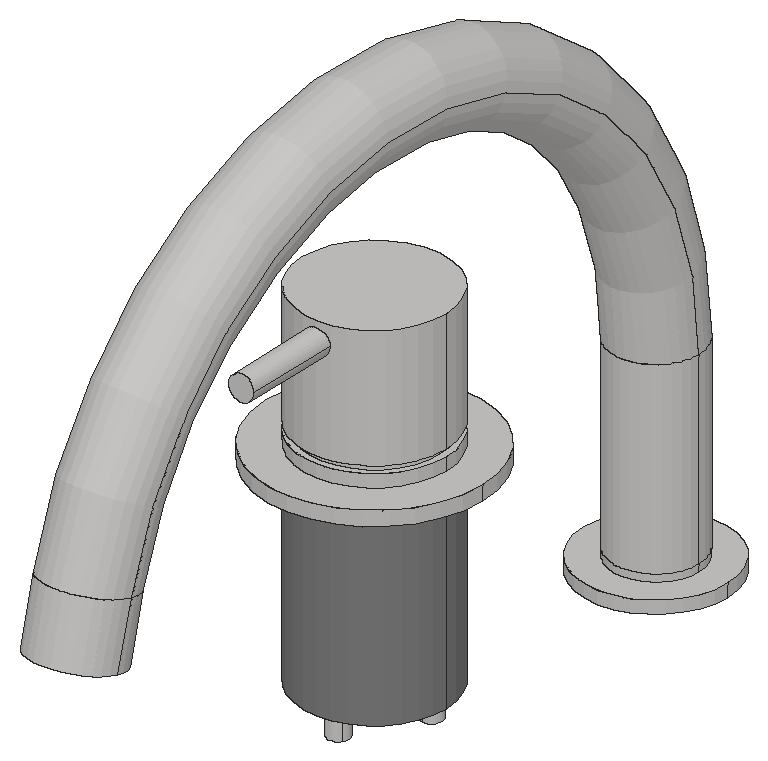
Revit family "SC7", category Plumbing Fixtures, Revit 2021
Family settings
  Round Connector Dimension = Use Diameter
  Part Type = Normal
  Work Plane-Based = No
  Always vertical = Yes
  Cut with Voids When Loaded = No
  Shared = No
  Room Calculation Point = No
Parameters
  e-mail = "info@vola.com"
  URL = "http://vola.com"
  Telephone = "+45 7023 5500"
  Quality management standard = "ISO 9001"
  Organisation no. / DUNS no. = "17531328"
  Occupational health and safety management standard = "ISO 18001"
  Mounting Instructions = "http://vola.com/service/producturl.ashx?name=SC7"
  Model = "SC7"
  Materials and components information = "http://vola.com/service/producturl.ashx?name=SC7"
  Manufacturer = "VOLA A/S"
  Maintenance Instructions = "http://vola.com/service/producturl.ashx?name=SC7"
  Guarantee = "2 years"
  Flow = "30,00 l/min"
  Environmental management standard = "ISO 14000"
  Default Elevation = 0.00 mm
  Connection - All relevant connections = "10mm flexible hose"
  Approvals = "http://vola.com/service/producturl.ashx?name=SC7"
Reference planes
  plane 1 "Center (Front/Back)": y = 0
  plane 2: z = 0
  plane 3 "Center (Left/Right)": x = 0
Dimensions and locks
  aligned and locked: plane 2 to level
Nested families
  nested 1: "090E" at (0, 0, 0), type "090E"
  nested 2: "2500" at (-78, 0, 0), type "2500"
Connectors
  piping at (-88.825, 6.25, -63), diameter 6
    settings: on nested 2, index 1, connector inside diameter 0.23622", connector length 0.00 mm, flow factor 0, pipe flow 0 GPM, pressure drop 0.00 psi, fitting loss kfactor 0, connector angle 0.00°, fixture units 0, engagement length 0.00 mm, angle of deflection 0.00°, flow configuration 0, flow direction 1, fitting loss method 0, system type 19, joint type 0, gender type 0, connector reference index -1, connector utility 0, adjustable connector no, is connector primary yes, connector description ""
  piping at (-67.175, 6.25, -63), diameter 6
    settings: on nested 2, index 2, connector inside diameter 0.23622", connector length 0.00 mm, flow factor 0, pipe flow 0 GPM, pressure drop 0.00 psi, fitting loss kfactor 0, connector angle 0.00°, fixture units 0, engagement length 0.00 mm, angle of deflection 0.00°, flow configuration 0, flow direction 1, fitting loss method 0, system type 20, joint type 0, gender type 0, connector reference index -1, connector utility 0, adjustable connector no, is connector primary no, connector description ""
Definition of nested family "090E"
  Parameters
    e-mail = "info@vola.com"
    URL = "http://vola.com"
    Telephone = "+45 7023 5500"
    Quality management standard = "ISO 9001"
    Organisation no. / DUNS no. = "17531328"
    Occupational health and safety management standard = "ISO 18001"
    Mounting Instructions = "http://vola.com/service/producturl.ashx?name=090E"
    Model = "090E"
    Materials and components information = "http://vola.com/service/producturl.ashx?name=090E"
    Manufacturer = "VOLA A/S"
    Maintenance Instructions = "http://vola.com/service/producturl.ashx?name=090E"
    Guarantee = "2 years"
    Environmental management standard = "ISO 14000"
    Default Elevation = 0.00 mm
    Connection - All relevant connections = ""
    Approvals = "http://vola.com/service/producturl.ashx?name=090E"
  Reference planes
    plane 1 "Center (Front/Back)": y = 0
    plane 2: z = 0
    plane 3 "Center (Left/Right)": x = 0
  Forms (mm)
    Sweep 1, solid
      path origin (0, 0, -1) x (0, 1, 0) y (0, 0, 1)
        loop
          line (0, 6.5) -> (0, 58.5)
          arc (0, 58.5) -> (-86.947, 157.644) -> (-196.593, 84.382) r 100
      profile origin (0, -86.947, 156.644) x (0, -0.130526, -0.991445) y (1, 0, 0)
        loop
          circle (0, 0) r 12
    Extrusion 2, solid
      sketch origin (0, 0, 0) x (1, 0, 0) y (0, 1, 0)
        loop
          circle (0, 0) r 20
      from 0 to 3.5
    Extrusion 3, solid
      sketch origin (0, 0, 3.5) x (1, 0, 0) y (0, 1, 0)
        loop
          circle (0, 0) r 12
      from 0 to 2
    Extrusion 4, solid
      sketch origin (0, -196.593, 83.382) x (1, 0, 0) y (0, -0.965926, 0.258819)
        loop
          circle (0, 0) r 12
      from 0 to 17.7
  Cuts and joins
    joined: Sweep 1, Extrusion 2
  Dimensions and locks
    aligned and locked: plane 2 to level
Definition of nested family "2500"
  Parameters
    e-mail = "info@vola.com"
    URL = "http://vola.com"
    Telephone = "+45 7023 5500"
    Quality management standard = "ISO 9001"
    Organisation no. / DUNS no. = "17531328"
    Occupational health and safety management standard = "ISO 18001"
    Mounting Instructions = "http://vola.com/service/producturl.ashx?name=2500"
    Model = "2500"
    Materials and components information = "http://vola.com/service/producturl.ashx?name=2500"
    Manufacturer = "VOLA A/S"
    Maintenance Instructions = "http://vola.com/service/producturl.ashx?name=2500"
    Guarantee = "2 years"
    Flow = "18,70 l/min"
    Environmental management standard = "ISO 14000"
    Default Elevation = 0.00 mm
    Connection - All relevant connections = "10mm flexible hose"
    Approvals = "http://vola.com/service/producturl.ashx?name=2500"
  Reference planes
    plane 1 "Center (Front/Back)": y = 0
    plane 2: z = 0
    plane 3 "Center (Left/Right)": x = 0
  Forms (mm)
    Extrusion 1, solid
      sketch origin (0, 0, 0) x (1, 0, 0) y (0, 1, 0)
        loop
          circle (0, 0) r 30
      from 0 to 4
    Extrusion 2, solid
      sketch origin (0, 0, 7.5) x (1, 0, 0) y (0, 1, 0)
        loop
          circle (0, 0) r 18.25
      from 0 to 2
    Extrusion 3, solid
      sketch origin (0, 0, 9.5) x (1, 0, 0) y (0, 1, 0)
        loop
          circle (0, 0) r 20
      from 0 to 33.5
    Extrusion 4, solid
      sketch origin (0, 0, 3.25) x (1, 0, 0) y (0, 0, 1)
        loop
          circle (0, 34.5) r 3.5
      from 0 to 46
    Extrusion 5, solid
      sketch origin (0, 0, 0) x (0, 1, 0) y (1, 0, 0)
        loop
          circle (0, 0) r 20
      from 0 to 55
    Extrusion 6, solid
      sketch origin (0, 0, -55) x (0, 1, 0) y (1, 0, 0)
        loop
          circle (6.25, 10.825) r 3
        loop
          circle (6.25, -10.825) r 3
        loop
          circle (-12.5, 0) r 3
      from 0 to 8
    Extrusion 7, solid
      sketch origin (0, 0, 4) x (1, 0, 0) y (0, 1, 0)
        loop
          circle (0, 0) r 20
      from 0 to 3.5
  Cuts and joins
    joined: Extrusion 3, Extrusion 4
  Lines and regions (mm)
    model lines
      curve 1: line (6.05, -19.063, 43) -> (6.05, 19.063, 43)
      curve 2: line (-6.05, -19.063, 43) -> (-6.05, 19.063, 43)
    reference lines
      curve 3: line (-10.825, 6.25, -55) -> (-10.825, 6.25, -80)
      curve 4: line (10.825, 6.25, -55) -> (10.825, 6.25, -80)
  Dimensions and locks
    aligned and locked: plane 2 to level
